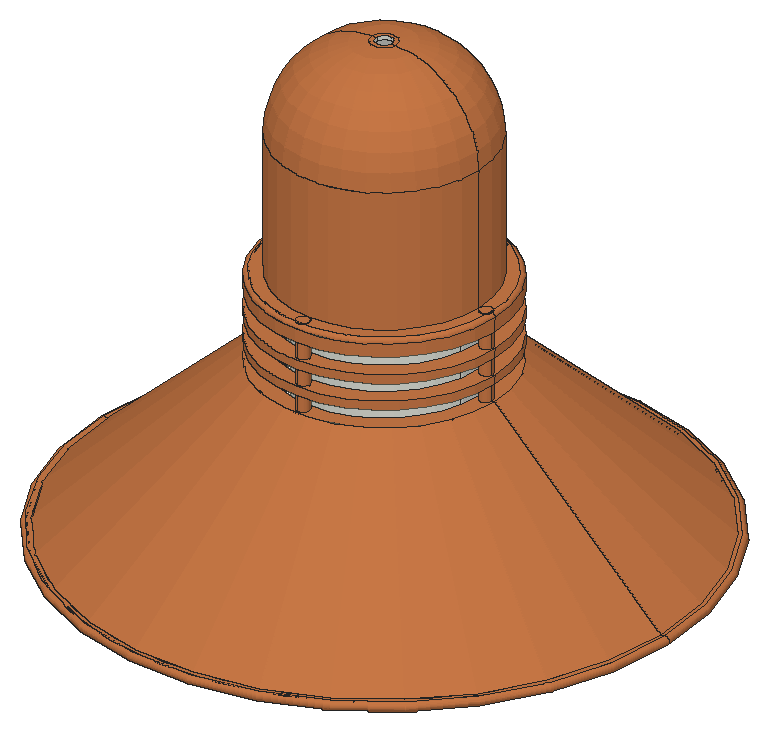
Revit family "DCS18 SHADE", category Lighting Fixtures, Revit 2024
Family settings
  Round Connector Dimension = Use Diameter
  Part Type = Normal
  OmniClass Number = 23.80.70.00
  OmniClass Title = Lighting
  Work Plane-Based = No
  Always vertical = Yes
  Cut with Voids When Loaded = No
  Light Source = Yes
  Maintain Annotation Orientation = No
  Shared = No
  Room Calculation Point = No
Parameters
  Wattage = 12.1178 W
  built-in parameter 1150110 = 1 (stored number, unit not read)
  built-in parameter 1114217 = 1 (stored number, unit not read)
  built-in parameter 1150109 = 1 (stored number, unit not read)
  built-in parameter 1150134 = (empty or 0)
  built-in parameter 1150113 = 1 (stored number, unit not read)
  Lumens = 1800 lm
  built-in parameter 1150115 = 1 (stored number, unit not read)
  built-in parameter 1150105 = 572.96 (stored number, unit not read)
  Light Source Symbol Size = 2' - 0"
  built-in parameter 1150137 = (empty or 0)
  built-in parameter 1150139 = (empty or 0)
  built-in parameter 1150112 = 1 (stored number, unit not read)
  built-in parameter 1150114 = 1 (stored number, unit not read)
  built-in parameter 1150132 = 2
  built-in parameter 1150102 = (empty or 0)
  built-in parameter 1150138 = (empty or 0)
  built-in parameter 1150107 = 3000 (stored number, unit not read)
  built-in parameter 1150106 = 5.7296 (stored number, unit not read)
  built-in parameter 1150104 = 13.8 (stored number, unit not read)
  Dimming Lamp Color Temperature Shift = (empty or 0)
  Default Elevation = 0' - 0"
  Color Filter = 16777215
  built-in parameter 1114218 = 1 (stored number, unit not read)
  built-in parameter 1150133 = 10 (stored number, unit not read)
Reference planes (in)
  plane 1 "Light Source Axis (F/B)": y = 0
  plane 2: z = 0
  plane 3 "Light Source Axis (L/R)": x = 0
  plane 4 "Light Source Elevation": z = 84
Forms (in)
  Revolve 1, solid
    sketch origin (0, 0, 0) x (1, 0, 0) y (0, 0, 1)
      loop
        line (-0.25, 98) -> (-0.375, 98)
        arc (-0.375, 98) -> (-2.23116, 97.23116) -> (-3, 95.375) r 2.625
        line (-3, 95.375) -> (-3, 91.5) -> (-3.375, 91.5)
        arc (-3.375, 91.5) -> (-3.46339, 91.46339) -> (-3.5, 91.375) r 0.125
        line (-3.5, 91.375) -> (-3.5, 91) -> (-3.40625, 91) -> (-3.40625, 91.375)
        arc (-3.40625, 91.375) -> (-3.3971, 91.3971) -> (-3.375, 91.40625) r 0.03125
        line (-3.375, 91.40625) -> (-2.90625, 91.40625) -> (-2.90625, 95.375)
        arc (-2.90625, 95.375) -> (-2.16486, 97.16486) -> (-0.375, 97.90625) r 2.53125
        line (-0.375, 97.90625) -> (-0.25, 97.90625) -> (-0.25, 98)
      loop
        line (-3, 90.5) -> (-3.5, 90.5) -> (-3.5, 90.25) -> (-3.40625, 90.25) -> (-3.40625, 90.40625) -> (-3, 90.40625) -> (-3, 90.5)
      loop
        line (-3, 89.75) -> (-3.5, 89.75) -> (-3.5, 89.5) -> (-3.40625, 89.5) -> (-3.40625, 89.65625) -> (-3, 89.65625) -> (-3, 89.75)
      loop
        line (-3, 89) -> (-3.5, 89) -> (-8.73718, 84.25) -> (-8.875, 84.25)
        arc (-8.875, 84.25) -> (-8.96817, 84.04167) -> (-8.75077, 84.1111) r 0.125
        line (-8.75077, 84.1111) -> (-3.46382, 88.90625) -> (-3, 88.90625) -> (-3, 89)
      loop
        line (-2.4059, 91.5) -> (-2.4059, 85.52384)
        arc (-2.4059, 85.52384) -> (-1.57001, 84.07728) -> (0, 83.50607) r 2.44323
        line (0, 83.50607) -> (0, 83.59982)
        arc (0, 83.59982) -> (-1.50665, 84.1465) -> (-2.31215, 85.53215) r 2.34948
        line (-2.31215, 85.53215) -> (-2.31215, 91.5) -> (-2.4059, 91.5)
      axis (0, 98) -> (0, 83.50607)
    angle from 0 to 360
  Sweep 2, solid
    path origin (0, 0, 0) x (1, 0, 0) y (0, 0, 1)
      loop
        line (-3.21659, 89) -> (-3.21659, 91.5)
    profile origin (-3.21659, 0, 90.25) x (-1, 0, 0) y (0, -1, 0)
      loop
        circle (0, 0) r 0.1875
  Sweep 3, solid
    path origin (0, 0, 0) x (0, -1, 0) y (0, 0, 1)
      loop
        line (-3.21659, 89) -> (-3.21659, 91.5)
    profile origin (0, 3.21659, 90.25) x (0, 1, 0) y (-1, 0, 0)
      loop
        circle (0, 0) r 0.1875
  Sweep 4, solid
    path origin (0, 0, 0) x (0, 1, 0) y (0, 0, 1)
      loop
        line (-3.21659, 89) -> (-3.21659, 91.5)
    profile origin (0, -3.21659, 90.25) x (0, -1, 0) y (1, 0, 0)
      loop
        circle (0, 0) r 0.1875
  Sweep 5, solid
    path origin (0, 0, 0) x (-1, 0, 0) y (0, 0, 1)
      loop
        line (-3.21659, 89) -> (-3.21659, 91.5)
    profile origin (3.21659, 0, 90.25) x (1, 0, 0) y (0, 1, 0)
      loop
        circle (0, 0) r 0.1875
Dimensions and locks (in)
  aligned and locked: plane 3 "Light Source Axis (L/R)" to imposter light
  aligned and locked: plane 1 "Light Source Axis (F/B)" to imposter light
  aligned and locked: plane 4 "Light Source Elevation" to imposter light
  aligned and locked: level to plane 2
